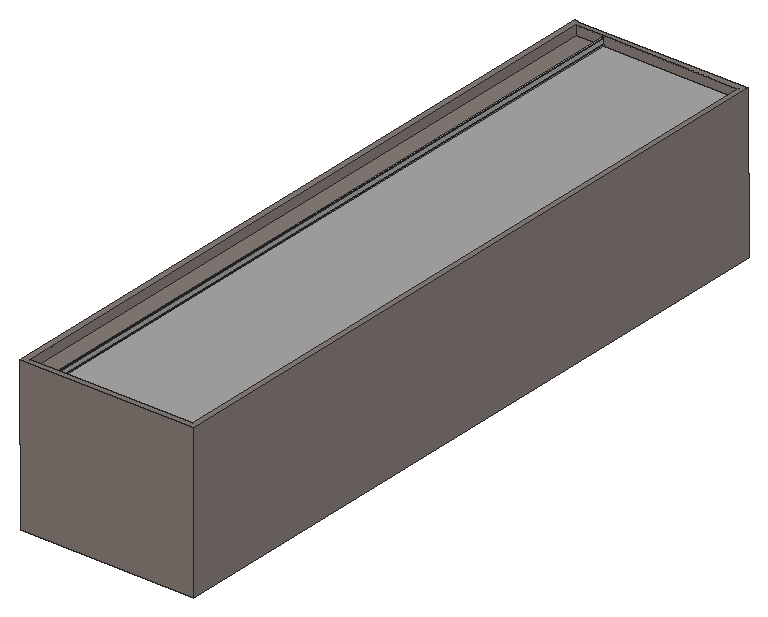
Revit family "TallUnit-40cm-Right-Vitra-MetropoleSeries-58203+58205+61299", category Furniture, host Face, Revit 2017
Family settings
  Host = Face
  OmniClass Number = 23.40.20.00
  OmniClass Title = General Furniture and Specialties
  Cut with Voids When Loaded = No
  Shared = Yes
  Room Calculation Point = No
Parameters (values of type "TallUnit(Right)-40cm-Vitra-MetropoleSeries-58203")
  Youtube = "https://www.youtube.com/user/VitrAglobal"
  Weight Net (kg) = ""
  Warranty Period (Year) = "2"
  Uniformat II Description = "Fixed Furnishings"
  Uniformat II Code = "E2010"
  Uniclass 2015 Name = "Bathroom Cabinets"
  Uniclass 2015 Code = "Pr_40_30_78_03"
  Uniclass 2.0 Description = "Bathroom Cabinets"
  Uniclass 2.0 Code = "PR-35-75-08"
  Uniclass 1.4 Description = "Bathroom Cabinets"
  Uniclass 1.4 Code = "L8241"
  URL = "https://vitraglobal.com/"
  UNSPSC Description = "Bathroom Cabinets"
  UNSPSC Code = "30161801"
  Technical description = "https://www.vitraglobal.com/pdf/58203/"
  Tap hole Options (default) = ""
  Specification = ""
  Secondary Material = Black Acrylic Glass
  Region South America = "All"
  Region Oceania = "All"
  Region North America = "All"
  Region Middle East = "All"
  Region Europe = "All"
  Region Asia = "All"
  Region Antarctica = "All"
  Region Africa = "All"
  Product url = "https://www.vitraglobal.com/bathroom-furniture/tall-units/standard-tall-units/metropole-infinit-tall-unit-sku-58203/"
  Product manual = ""
  Product group = "Bathroom Furniture"
  Product family = "Metropole"
  Product data url = "https://www.bimobject.com/vitra-bathrooms/product/58203-58205-61299"
  Product certification = "https://www.vitraglobal.com/brochures/"
  Product SKU = "58203"
  Product Guid = ""
  Primary Material = Plum Tree
  OmniClass Description = "Bathroom Cabinets"
  OmniClass Code = "23-31 25 13"
  Nominal Width (mm) = 400 mm
  Nominal Height (mm) = 1600 mm
  Nominal Depth (mm) = 350 mm
  NBS Referans Description = "Bathroom Cabinets"
  NBS Referans Code = "35-75-08"
  Mounting type = "Wall-Hung"
  Model = "58203"
  Masterformat 2014 Description = "Bathroom Casework"
  Masterformat 2014 Code = "12 35 30.23"
  Manufacturer name = "VitrA"
  Manufacturer = "Vitra"
  Main Material = "Wood"
  Installation instructions = ""
  IFC Classification = "Furniture"
  EAN code = ""
  Design country = "Turkey"
  Description = "Metropole Tall Unit"
  Default Elevation = 660 mm
  Color = "Plum Tree"
  COBIe Type Category = ""
  Brand = "VitrA"
  BIMobject category = "Storage"
  Article No. (default) = "58203"
  Accessories (default) = ""
Types (3, lengths in mm): name | Technical description | Secondary Material | Product url | Product data url | Product SKU | Primary Material | Model | Color | Article No. (default)
  TallUnit(Right)-40cm-Vitra-MetropoleSeries-58203 | "https://www.vitraglobal.com/pdf/58203/" | Black Acrylic Glass | "https://www.vitraglobal.com/bathroom-furniture/tall-units/standard-tall-units/metropole-infinit-tall-unit-sku-58203/" | "https://www.bimobject.com/vitra-bathrooms/product/58203-58205-61299" | "58203" | Plum Tree | "58203" | "Plum Tree" | "58203"
  TallUnit(Right)-40cm-Vitra-MetropoleSeries-58205 | "https://www.vitraglobal.com/pdf/58205/" | White Acrylic Glass | "https://www.vitraglobal.com/bathroom-furniture/tall-units/standard-tall-units/metropole-infinit-tall-unit-sku-58205/" | "" | "58205" | High Gloss White | "58205" | "High Gloss White" | "58205"
  TallUnit(Right)-40cm-Vitra-MetropoleSeries-61299 | "https://vitraglobal.com/" | White Acrylic Glass | "https://vitraglobal.com/" | "" | "61299" | Silver Oak | "61299" | "Silver Oak" | "61299"
Reference planes
  plane 1 "Center (Front/Back)": y = 0
  plane 2: z = 0
  plane 3 "Center (Left/Right)": x = 0
  plane 4: z = 350
  plane 5: y = 800
  plane 6: y = -800
  plane 7: x = -200
  plane 8: x = 200
Forms (mm)
  Extrusion 1, solid, material "Plum Tree" <- "Primary Material", detail levels medium+fine
    sketch origin (194, -800, 350) x (0, -1, 0) y (1, 0, 0)
      loop
        line (-1600, 6) -> (-1600, -382) -> (-1600, -394) -> (0, -394) -> (0, 6) -> (-1600, 6)
      loop
        line (-12, -6) -> (-18, -6) -> (-1582, -6) -> (-1588, -6) -> (-1588, -382) -> (-12, -382) -> (-12, -6)
    from 0 to -350
  Extrusion 2, solid, detail levels medium+fine
    sketch origin (0, 0, 0) x (0, 1, 0) y (0, 0, -1)
      loop
        line (-791, -28) -> (791, -28) -> (791, -19) -> (-791, -19) -> (-791, -28)
    from -191 to 191
  Extrusion 3, solid, detail levels medium+fine
    sketch origin (0, 0, 0) x (0, 1, 0) y (0, 0, -1)
      loop
        line (8.003, -312.5) -> (8.003, -28) -> (-7.997, -28) -> (-7.997, -312.5) -> (8.003, -312.5)
    from -182 to 182
  Extrusion 4, solid, detail levels medium+fine
    sketch origin (0, 0, 0) x (0, 1, 0) y (0, 0, -1)
      loop
        line (-520.615, -308.5) -> (-520.615, -28) -> (-526.615, -28) -> (-526.615, -308.5) -> (-520.615, -308.5)
      loop
        line (-262.379, -308.5) -> (-262.379, -28) -> (-268.379, -28) -> (-268.379, -308.5) -> (-262.379, -308.5)
      loop
        line (269, -308) -> (269, -28) -> (263, -28) -> (263, -308) -> (269, -308)
      loop
        line (527, -308.5) -> (527, -28) -> (521, -28) -> (521, -308.5) -> (527, -308.5)
    from -182 to 181
  Extrusion 5, solid, detail levels medium+fine
    sketch origin (0, 0, 0) x (0, 1, 0) y (0, 0, -1)
      loop
        line (10.003, -3) -> (-69.997, -3) -> (-69.997, -19) -> (10.003, -19) -> (10.003, -3)
    from -191 to 191
  Extrusion 6, solid, detail levels medium+fine
    sketch origin (0, 0, 0) x (0, 1, 0) y (0, 0, -1)
      loop
        line (788, -313) -> (788, 0) -> (782, 0) -> (782, -313) -> (788, -313)
    from -181.795 to 181.795
  Extrusion 7, solid, detail levels medium+fine
    sketch origin (0, 0, 0) x (0, 1, 0) y (0, 0, -1)
      loop
        line (-782, 0) -> (-788, 0) -> (-788, -313) -> (-782, -313) -> (-782, 0)
    from -186 to 191
  Extrusion 8, solid, material "Plum Tree" <- "Primary Material", detail levels medium+fine
    sketch origin (0, 0, 0) x (-1, 0, 0) y (0, 0, -1)
      loop
        line (128, -329) -> (188, -329) -> (188, -313) -> (128, -313) -> (128, -329)
    from -791 to 782
  Extrusion 9, solid, material "Black Acrylic Glass" <- "Secondary Material", detail levels medium+fine
    sketch origin (0, 0, 0) x (-1, 0, 0) y (0, 0, -1)
      loop
        line (-186, -314) -> (-186, -329) -> (124.7, -329) -> (124.7, -331.7) -> (122.3, -331.7) -> (122.3, -333) -> (124.7, -333) -> (124.7, -344) -> (122.3, -347) -> (122.3, -348) -> (125, -348)
        arc (125, -348) -> (125.707, -347.707) -> (126, -347) r 1
        line (126, -347) -> (126, -314) -> (-186, -314)
    from -786 to 786
  Extrusion 10, void
    sketch origin (0, 0, 0) x (-1, 0, 0) y (0, 0, -1)
      loop
        line (129, -329) -> (-186, -329) -> (-186, -644)
        arc (-186, -644) -> (36.739, -551.739) -> (129, -329) r 315
    from -788 to 788
  Extrusion 11, solid, detail levels coarse
    sketch origin (0, 0, 0) x (-1, 0, 0) y (0, -1, 0)
      loop
        line (200, -800) -> (200, 800) -> (-200, 800) -> (-200, -800) -> (200, -800)
    from 0 to 350
Cuts and joins
  Extrusion 10 cuts Extrusion 1
  Extrusion 10 cuts Extrusion 8
Dimensions and locks
  "Nominal Depth (mm)": plane 4 to level
  "Nominal Height (mm)": plane 5 to plane 6
  "Nominal Width (mm)": plane 8 to plane 7
  aligned and locked: plane 2 to host face
  aligned and locked: level to host face
Automatic sketch dimensions
  host sketch curve to host sketch curve = 2438.4 mm
  host sketch curve to host sketch curve = 2743.2 mm
  Extrusion 1 sketch curve to plane 5 = 0 mm
  Extrusion 1 sketch curve to plane 6 = 0 mm
  Extrusion 1 sketch curve to plane 7 = 0 mm
  Extrusion 1 sketch curve to plane 8 = 0 mm
  Extrusion 1 sketch curve to plane 5 = 12 mm
  Extrusion 1 sketch curve to Extrusion 1 sketch curve = 6 mm
  plane 6 to Extrusion 1 sketch curve = 18 mm
  plane 6 to Extrusion 1 sketch curve = 12 mm
  plane 7 to Extrusion 1 sketch curve = 12 mm  (x2)
  Extrusion 1 sketch curve to plane 8 = 12 mm
  plane 6 to Extrusion 2 sketch curve = 9 mm
  Extrusion 2 sketch curve to plane 5 = 9 mm
  level to Extrusion 2 sketch curve = 28 mm
  Extrusion 2 sketch curve to Extrusion 2 sketch curve = 9 mm
  plane 1 "Center (Front/Back)" to Extrusion 3 sketch curve = 7.997 mm
  Extrusion 3 sketch curve to plane 1 "Center (Front/Back)" = 8.003 mm
  Extrusion 3 sketch curve to plane 4 = 37.5 mm
  level to Extrusion 3 sketch curve = 28 mm
  Extrusion 4 sketch curve to plane 4 = 41.5 mm  (x3)
  plane 6 to Extrusion 4 sketch curve = 273.385 mm
  Extrusion 4 sketch curve to Extrusion 4 sketch curve = 6 mm  (x4)
  level to Extrusion 4 sketch curve = 28 mm  (x4)
  Extrusion 4 sketch curve to Extrusion 4 sketch curve = 252.236 mm
  Extrusion 4 sketch curve to plane 4 = 42 mm
  Extrusion 4 sketch curve to plane 1 "Center (Front/Back)" = 263 mm
  Extrusion 4 sketch curve to Extrusion 4 sketch curve = 252 mm
  level to Extrusion 5 sketch curve = 3 mm
  plane 1 "Center (Front/Back)" to Extrusion 5 sketch curve = 69.997 mm
  Extrusion 5 sketch curve to plane 1 "Center (Front/Back)" = 10.003 mm
  Extrusion 5 sketch curve to Extrusion 5 sketch curve = 16 mm
  Extrusion 6 sketch curve to level = 0 mm
  Extrusion 6 sketch curve to plane 5 = 18 mm
  Extrusion 6 sketch curve to Extrusion 6 sketch curve = 6 mm
  Extrusion 6 sketch curve to plane 4 = 37 mm
  Extrusion 7 sketch curve to level = 0 mm
  plane 6 to Extrusion 7 sketch curve = 12 mm
  Extrusion 7 sketch curve to Extrusion 7 sketch curve = 6 mm
  Extrusion 7 sketch curve to plane 4 = 37 mm
  plane 7 to Extrusion 8 sketch curve = 72 mm
  plane 7 to Extrusion 8 sketch curve = 12 mm
  Extrusion 8 sketch curve to plane 4 = 21 mm
  Extrusion 8 sketch curve to Extrusion 8 sketch curve = 16 mm
  Extrusion 9 sketch curve to plane 8 = 14 mm
  Extrusion 9 sketch curve to plane 4 = 17 mm
  plane 7 to Extrusion 9 sketch curve = 77.7 mm
  Extrusion 9 sketch curve to plane 4 = 3 mm  (x2)
  Extrusion 9 sketch curve to Extrusion 9 sketch curve = 0 mm  (x2)
  Extrusion 9 sketch curve to plane 4 = 6 mm
  Extrusion 9 sketch curve to Extrusion 9 sketch curve = 2.4 mm
  Extrusion 9 sketch curve to Extrusion 9 sketch curve = 2.7 mm  (x2)
  Extrusion 9 sketch curve to Extrusion 9 sketch curve = 1.3 mm  (x2)
  Extrusion 9 sketch curve to Extrusion 9 sketch curve = 15 mm
  Extrusion 10 sketch curve to plane 8 = 14 mm
  Extrusion 10 sketch curve to plane 4 = 21 mm
  plane 7 to Extrusion 10 sketch curve = 71 mm
  Extrusion 11 sketch curve to plane 5 = 0 mm
  Extrusion 11 sketch curve to plane 8 = 0 mm
  Extrusion 11 sketch curve to plane 6 = 0 mm
  Extrusion 11 sketch curve to plane 7 = 0 mm
